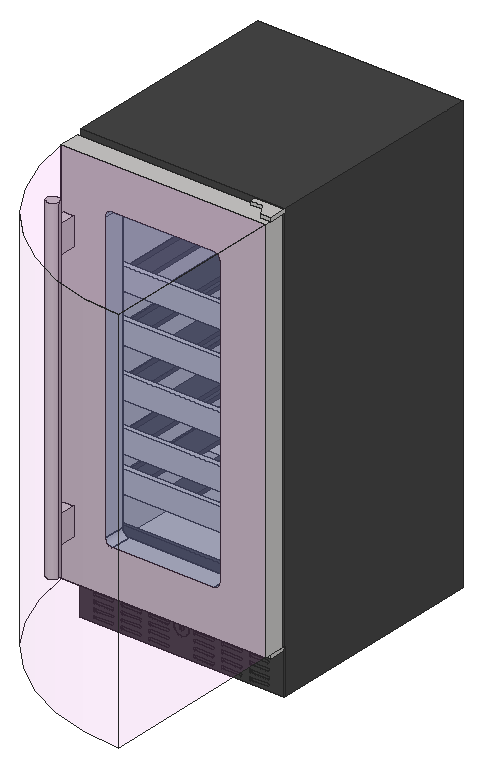
Revit family "QF_Summit_ASDW1522_ADA_Compliant_Wine_Cellar", category Specialty Equipment, Revit 2020
Family settings
  Round Connector Dimension = Use Diameter
  Part Type = Normal
  Work Plane-Based = No
  Always vertical = Yes
  Cut with Voids When Loaded = No
  Shared = No
  Room Calculation Point = No
Parameters
  Weight in Pounds = 68
  Watts = if(Phase = 3, Volts * FL Amps * 1.73, Volts * FL Amps)  # 115 W
  Volts = 115 V
  URL Cutsheet = ""
  Specification by User = ""
  Specification by Manufacturer = ""
  Show RHD [instance] = yes
  Show LHD [instance] = not(Show RHD)  # no
  Show Kickplate Extension [instance] = no
  Show Feet [instance] = not(Show Kickplate Extension)  # yes
  Show Clearance [instance] = yes
  Serial Number = ""
  Seismic Rating = ""
  SMACNA No = ""
  Revision Code = ""
  Phase = 1
  Number of Poles = 1
  NAFEM Spec ID Number = ""
  Model = "ASDW1522"
  Min Ckt Ampacity = 0 A
  Max Overcurrent Protection = 0 A
  Masterspec = ""
  Manufacturer = "Summit"
  Length = 14 3/4"
  Item Number = ""
  Installed By = ""
  Identify Quantity as Lot = yes
  Height = 32"
  HP = ""
  Furnished By = ""
  Foodservice Equipment Identifier = yes
  FL Amps = 1 A
  Electrical Remarks = ""
  Electric Connection Type = ""
  Elec Conn RI Height = 0"
  Elec Conn Connection Height = 0"
  Description = "ADA Compliant Wine Cellar"
  Depth = 17 3/4"
  Default Elevation = 0"
  Cycle = 60 Hz
  Conn Plug = ""
  Conn Conduit = yes
  CSI MasterFormat = ""
  Base Height [instance] = if(Show Feet, 1/2", if(Show Kickplate Extension, 2", 1/2"))  # 1/2"
  Apparent Power = if(Phase = 3, Volts * FL Amps * 1.73, Volts * FL Amps)  # 115 VA
Reference planes (in)
  plane 1 "BACK": y = 0
  plane 2: z = 0
  plane 3 "LEFT": x = 0
  plane 4 "RIGHT": x = 14.75
  plane 5 "FRONT": y = -17.75
  plane 6 "TOP": z = 32
  plane 7 "Center Y": x = 7.375
  plane 8 "Center X": y = -8.875
  plane 9 "Base Height": z = 0.5
  plane 10: y = -31
  plane 11: y = -16
  plane 12: y = -19.625
  plane 13: z = 3.75
Forms (in)
  Extrusion 1, solid, material "QF_Metal_Black"
    sketch origin (0, 0, 0.5) x (-1, 0, 0) y (0, -1, 0)
      loop
        line (0, 0) -> (0, 16) -> (-14.75, 16) -> (-14.75, 0) -> (0, 0)
    from 0 to 31.5
  Extrusion 2, solid, material "QF_Metal_Stainless_Polished"
    sketch origin (14.75, -16, 0.5) x (-1, 0, 0) y (0, 0, -1)
      loop
        line (14.75, -31.25) -> (14.75, -3.25) -> (0, -3.25) -> (0, -31.25) -> (14.75, -31.25)
      loop
        arc (3.25, -27.75) -> (3.39767, -28.10233) -> (3.75, -28.25) r 0.49827
        line (3.75, -28.25) -> (11, -28.24827)
        arc (11, -28.24827) -> (11.35233, -28.10233) -> (11.5, -27.75) r 0.49827
        line (11.5, -27.75) -> (11.5, -7)
        arc (11.5, -7) -> (11.35355, -6.64645) -> (11, -6.5) r 0.5
        line (11, -6.5) -> (3.75, -6.5)
        arc (3.75, -6.5) -> (3.39645, -6.64645) -> (3.25, -7) r 0.5
        line (3.25, -7) -> (3.25, -27.75)
    from 0.25 to 1.75
  Extrusion 3, void
    sketch origin (0, -0.11403, 0) x (0, 1, 0) y (0, 0, 1)
      loop
        line (-21.38597, 30) -> (-21.38597, 5.75) -> (-9.01097, 5.75) -> (-9.01097, 9.5) -> (-3.51097, 9.5) -> (-3.51097, 30) -> (-21.38597, 30)
    from 2 to 12.75
  Extrusion 4, solid, material "Glass"
    sketch origin (14.75, -17.75, 0.5) x (-1, 0, 0) y (0, 0, -1)
      loop
        arc (11.49927, -6.99995) -> (11.3529, -6.64659) -> (10.99954, -6.50023) r 0.49973
        line (10.99954, -6.50023) -> (3.75, -6.50023)
        arc (3.75, -6.50023) -> (3.39661, -6.64661) -> (3.25023, -7) r 0.49977
        line (3.25023, -7) -> (3.25023, -27.74984)
        arc (3.25023, -27.74984) -> (3.3965, -28.10299) -> (3.74965, -28.24927) r 0.49942
        line (3.74965, -28.24927) -> (11, -28.24927)
        arc (11, -28.24927) -> (11.35303, -28.10303) -> (11.49927, -27.75) r 0.49927
        line (11.49927, -27.75) -> (11.49927, -6.99995)
    from 0 to -1.5
  Extrusion 5, solid, material "QF_Metal_Black"
    sketch origin (14.75, -16, 0.5) x (-1, 0, 0) y (0, 0, -1)
      loop
        line (14.75, -3.25) -> (14.75, 0) -> (0, 0) -> (0, -3.25) -> (14.75, -3.25)
      loop
        arc (12.375, -2.768) -> (12.25, -2.893) -> (12.375, -3.018) r 0.125
        line (12.375, -3.018) -> (13.625, -3.018)
        arc (13.625, -3.018) -> (13.75, -2.893) -> (13.625, -2.768) r 0.125
        line (13.625, -2.768) -> (12.375, -2.768)
      loop
        arc (12.375, -2.264) -> (12.25, -2.389) -> (12.375, -2.514) r 0.125
        line (12.375, -2.514) -> (13.625, -2.514)
        arc (13.625, -2.514) -> (13.75, -2.389) -> (13.625, -2.264) r 0.125
        line (13.625, -2.264) -> (12.375, -2.264)
      loop
        arc (12.375, -1.76) -> (12.25, -1.885) -> (12.375, -2.01) r 0.125
        line (12.375, -2.01) -> (13.625, -2.01)
        arc (13.625, -2.01) -> (13.75, -1.885) -> (13.625, -1.76) r 0.125
        line (13.625, -1.76) -> (12.375, -1.76)
      loop
        arc (12.375, -1.258) -> (12.25, -1.383) -> (12.375, -1.508) r 0.125
        line (12.375, -1.508) -> (13.625, -1.508)
        arc (13.625, -1.508) -> (13.75, -1.383) -> (13.625, -1.258) r 0.125
        line (13.625, -1.258) -> (12.375, -1.258)
      loop
        arc (12.375, -0.754) -> (12.25, -0.879) -> (12.375, -1.004) r 0.125
        line (12.375, -1.004) -> (13.625, -1.004)
        arc (13.625, -1.004) -> (13.75, -0.879) -> (13.625, -0.754) r 0.125
        line (13.625, -0.754) -> (12.375, -0.754)
      loop
        arc (12.375, -0.25) -> (12.25, -0.375) -> (12.375, -0.5) r 0.125
        line (12.375, -0.5) -> (13.625, -0.5)
        arc (13.625, -0.5) -> (13.75, -0.375) -> (13.625, -0.25) r 0.125
        line (13.625, -0.25) -> (12.375, -0.25)
      loop
        arc (10.375, -2.768) -> (10.25, -2.893) -> (10.375, -3.018) r 0.125
        line (10.375, -3.018) -> (11.625, -3.018)
        arc (11.625, -3.018) -> (11.75, -2.893) -> (11.625, -2.768) r 0.125
        line (11.625, -2.768) -> (10.375, -2.768)
      loop
        arc (10.375, -2.264) -> (10.25, -2.389) -> (10.375, -2.514) r 0.125
        line (10.375, -2.514) -> (11.625, -2.514)
        arc (11.625, -2.514) -> (11.75, -2.389) -> (11.625, -2.264) r 0.125
        line (11.625, -2.264) -> (10.375, -2.264)
      loop
        arc (10.375, -1.76) -> (10.25, -1.885) -> (10.375, -2.01) r 0.125
        line (10.375, -2.01) -> (11.625, -2.01)
        arc (11.625, -2.01) -> (11.75, -1.885) -> (11.625, -1.76) r 0.125
        line (11.625, -1.76) -> (10.375, -1.76)
      loop
        arc (10.375, -1.258) -> (10.25, -1.383) -> (10.375, -1.508) r 0.125
        line (10.375, -1.508) -> (11.625, -1.508)
        arc (11.625, -1.508) -> (11.75, -1.383) -> (11.625, -1.258) r 0.125
        line (11.625, -1.258) -> (10.375, -1.258)
      loop
        arc (10.375, -0.754) -> (10.25, -0.879) -> (10.375, -1.004) r 0.125
        line (10.375, -1.004) -> (11.625, -1.004)
        arc (11.625, -1.004) -> (11.75, -0.879) -> (11.625, -0.754) r 0.125
        line (11.625, -0.754) -> (10.375, -0.754)
      loop
        arc (10.375, -0.25) -> (10.25, -0.375) -> (10.375, -0.5) r 0.125
        line (10.375, -0.5) -> (11.625, -0.5)
        arc (11.625, -0.5) -> (11.75, -0.375) -> (11.625, -0.25) r 0.125
        line (11.625, -0.25) -> (10.375, -0.25)
      loop
        arc (8.375, -2.768) -> (8.25, -2.893) -> (8.375, -3.018) r 0.125
        line (8.375, -3.018) -> (9.625, -3.018)
        arc (9.625, -3.018) -> (9.75, -2.893) -> (9.625, -2.768) r 0.125
        line (9.625, -2.768) -> (8.375, -2.768)
      loop
        arc (8.375, -2.264) -> (8.25, -2.389) -> (8.375, -2.514) r 0.125
        line (8.375, -2.514) -> (9.625, -2.514)
        arc (9.625, -2.514) -> (9.75, -2.389) -> (9.625, -2.264) r 0.125
        line (9.625, -2.264) -> (8.375, -2.264)
      loop
        arc (8.375, -1.76) -> (8.25, -1.885) -> (8.375, -2.01) r 0.125
        line (8.375, -2.01) -> (9.625, -2.01)
        arc (9.625, -2.01) -> (9.75, -1.885) -> (9.625, -1.76) r 0.125
        line (9.625, -1.76) -> (8.375, -1.76)
      loop
        arc (8.375, -1.258) -> (8.25, -1.383) -> (8.375, -1.508) r 0.125
        line (8.375, -1.508) -> (9.625, -1.508)
        arc (9.625, -1.508) -> (9.75, -1.383) -> (9.625, -1.258) r 0.125
        line (9.625, -1.258) -> (8.375, -1.258)
      loop
        arc (8.375, -0.754) -> (8.25, -0.879) -> (8.375, -1.004) r 0.125
        line (8.375, -1.004) -> (9.625, -1.004)
        arc (9.625, -1.004) -> (9.75, -0.879) -> (9.625, -0.754) r 0.125
        line (9.625, -0.754) -> (8.375, -0.754)
      loop
        arc (8.375, -0.25) -> (8.25, -0.375) -> (8.375, -0.5) r 0.125
        line (8.375, -0.5) -> (9.625, -0.5)
        arc (9.625, -0.5) -> (9.75, -0.375) -> (9.625, -0.25) r 0.125
        line (9.625, -0.25) -> (8.375, -0.25)
      loop
        arc (5.125, -2.768) -> (5, -2.893) -> (5.125, -3.018) r 0.125
        line (5.125, -3.018) -> (6.375, -3.018)
        arc (6.375, -3.018) -> (6.5, -2.893) -> (6.375, -2.768) r 0.125
        line (6.375, -2.768) -> (5.125, -2.768)
      loop
        arc (5.125, -2.264) -> (5, -2.389) -> (5.125, -2.514) r 0.125
        line (5.125, -2.514) -> (6.375, -2.514)
        arc (6.375, -2.514) -> (6.5, -2.389) -> (6.375, -2.264) r 0.125
        line (6.375, -2.264) -> (5.125, -2.264)
      loop
        arc (5.125, -1.76) -> (5, -1.885) -> (5.125, -2.01) r 0.125
        line (5.125, -2.01) -> (6.375, -2.01)
        arc (6.375, -2.01) -> (6.5, -1.885) -> (6.375, -1.76) r 0.125
        line (6.375, -1.76) -> (5.125, -1.76)
      loop
        arc (5.125, -1.258) -> (5, -1.383) -> (5.125, -1.508) r 0.125
        line (5.125, -1.508) -> (6.375, -1.508)
        arc (6.375, -1.508) -> (6.5, -1.383) -> (6.375, -1.258) r 0.125
        line (6.375, -1.258) -> (5.125, -1.258)
      loop
        arc (5.125, -0.754) -> (5, -0.879) -> (5.125, -1.004) r 0.125
        line (5.125, -1.004) -> (6.375, -1.004)
        arc (6.375, -1.004) -> (6.5, -0.879) -> (6.375, -0.754) r 0.125
        line (6.375, -0.754) -> (5.125, -0.754)
      loop
        arc (5.125, -0.25) -> (5, -0.375) -> (5.125, -0.5) r 0.125
        line (5.125, -0.5) -> (6.375, -0.5)
        arc (6.375, -0.5) -> (6.5, -0.375) -> (6.375, -0.25) r 0.125
        line (6.375, -0.25) -> (5.125, -0.25)
      loop
        arc (3.125, -2.768) -> (3, -2.893) -> (3.125, -3.018) r 0.125
        line (3.125, -3.018) -> (4.375, -3.018)
        arc (4.375, -3.018) -> (4.5, -2.893) -> (4.375, -2.768) r 0.125
        line (4.375, -2.768) -> (3.125, -2.768)
      loop
        arc (3.125, -2.264) -> (3, -2.389) -> (3.125, -2.514) r 0.125
        line (3.125, -2.514) -> (4.375, -2.514)
        arc (4.375, -2.514) -> (4.5, -2.389) -> (4.375, -2.264) r 0.125
        line (4.375, -2.264) -> (3.125, -2.264)
      loop
        arc (3.125, -1.76) -> (3, -1.885) -> (3.125, -2.01) r 0.125
        line (3.125, -2.01) -> (4.375, -2.01)
        arc (4.375, -2.01) -> (4.5, -1.885) -> (4.375, -1.76) r 0.125
        line (4.375, -1.76) -> (3.125, -1.76)
      loop
        arc (3.125, -1.258) -> (3, -1.383) -> (3.125, -1.508) r 0.125
        line (3.125, -1.508) -> (4.375, -1.508)
        arc (4.375, -1.508) -> (4.5, -1.383) -> (4.375, -1.258) r 0.125
        line (4.375, -1.258) -> (3.125, -1.258)
      loop
        arc (3.125, -0.754) -> (3, -0.879) -> (3.125, -1.004) r 0.125
        line (3.125, -1.004) -> (4.375, -1.004)
        arc (4.375, -1.004) -> (4.5, -0.879) -> (4.375, -0.754) r 0.125
        line (4.375, -0.754) -> (3.125, -0.754)
      loop
        arc (3.125, -0.25) -> (3, -0.375) -> (3.125, -0.5) r 0.125
        line (3.125, -0.5) -> (4.375, -0.5)
        arc (4.375, -0.5) -> (4.5, -0.375) -> (4.375, -0.25) r 0.125
        line (4.375, -0.25) -> (3.125, -0.25)
      loop
        arc (1.125, -2.768) -> (1, -2.893) -> (1.125, -3.018) r 0.125
        line (1.125, -3.018) -> (2.375, -3.018)
        arc (2.375, -3.018) -> (2.5, -2.893) -> (2.375, -2.768) r 0.125
        line (2.375, -2.768) -> (1.125, -2.768)
      loop
        arc (1.125, -2.264) -> (1, -2.389) -> (1.125, -2.514) r 0.125
        line (1.125, -2.514) -> (2.375, -2.514)
        arc (2.375, -2.514) -> (2.5, -2.389) -> (2.375, -2.264) r 0.125
        line (2.375, -2.264) -> (1.125, -2.264)
      loop
        arc (1.125, -1.76) -> (1, -1.885) -> (1.125, -2.01) r 0.125
        line (1.125, -2.01) -> (2.375, -2.01)
        arc (2.375, -2.01) -> (2.5, -1.885) -> (2.375, -1.76) r 0.125
        line (2.375, -1.76) -> (1.125, -1.76)
      loop
        arc (1.125, -1.258) -> (1, -1.383) -> (1.125, -1.508) r 0.125
        line (1.125, -1.508) -> (2.375, -1.508)
        arc (2.375, -1.508) -> (2.5, -1.383) -> (2.375, -1.258) r 0.125
        line (2.375, -1.258) -> (1.125, -1.258)
      loop
        arc (1.125, -0.754) -> (1, -0.879) -> (1.125, -1.004) r 0.125
        line (1.125, -1.004) -> (2.375, -1.004)
        arc (2.375, -1.004) -> (2.5, -0.879) -> (2.375, -0.754) r 0.125
        line (2.375, -0.754) -> (1.125, -0.754)
      loop
        arc (1.125, -0.25) -> (1, -0.375) -> (1.125, -0.5) r 0.125
        line (1.125, -0.5) -> (2.375, -0.5)
        arc (2.375, -0.5) -> (2.5, -0.375) -> (2.375, -0.25) r 0.125
        line (2.375, -0.25) -> (1.125, -0.25)
      loop
        circle (7.375, -1.885) r 0.5625
    from 0 to 0.0625
  Extrusion 6, solid, material "QF_Rubber - Black - Smooth"
    sketch origin (14.75, -16, 0.5) x (-1, 0, 0) y (0, 0, -1)
      loop
        line (14.5625, -3.4375) -> (0.1875, -3.4375) -> (0.1875, -31.0625) -> (14.5625, -31.0625) -> (14.5625, -3.4375)
      loop
        line (13.5625, -4.4375) -> (1.1875, -4.4375) -> (1.1875, -30.0625) -> (13.5625, -30.0625) -> (13.5625, -4.4375)
    from 0 to 0.25
  Extrusion 7, solid, material "QF_Metal - Stainless - Polished", visible <- "Show RHD"
    sketch origin (0, 0, 32) x (-1, 0, 0) y (0, -1, 0)
      loop
        line (-14.75, 16) -> (-12.625, 16) -> (-12.625, 16.4375) -> (-13.5, 16.4375) -> (-14, 17.25) -> (-14.75, 17.25) -> (-14.75, 16)
    from 0 to -0.25
  Extrusion 8, solid, material "QF_Metal - Stainless - Polished", visible <- "Show RHD"
    sketch origin (-5.70957, -180, 3.75) x (-1, 0, 0) y (0, -1, 0)
      loop
        line (-20.45957, -164) -> (-18.33457, -164) -> (-18.33457, -163.5625) -> (-19.20957, -163.5625) -> (-19.70957, -162.75) -> (-20.45957, -162.75) -> (-20.45957, -164)
    from 0 to -0.25
  Extrusion 9, solid, material "QF_Metal_Black"
    sketch origin (14.75, -16.0625, 0.5) x (-1, 0, 0) y (0, 0, -1)
      loop
        circle (7.375, -1.885) r 0.5
      loop
        arc (7.39929, -2.07097) -> (7.56261, -1.88507) -> (7.39929, -1.69917) r 0.18746
        line (7.39929, -1.69917) -> (7.39929, -2.07097)
      loop
        line (7.34982, -2.07069) -> (7.34982, -1.69923)
        arc (7.34982, -1.69923) -> (7.1877, -1.88496) -> (7.34982, -2.07069) r 0.18745
    from -0.0625 to 0
  Extrusion 10, solid, material "QF_Rubber - Black - Smooth"
    sketch origin (0, 0, 0.5) x (1, 0, 0) y (0, 0, -1)
      loop
        circle (14.00256, -1) r 0.25
    from 0 to 0.0625
  Extrusion 11, solid, material "QF_Metal - Stainless - Polished", visible <- "Show RHD"
    sketch origin (0, 0, 0.5) x (-1, 0, 0) y (0, -1, 0)
      loop
        circle (-0.56375, 19.18625) r 0.43625
    from 4.25 to 28.5
  Extrusion 12, solid, material "QF_Metal - Stainless - Polished", visible <- "Show RHD"
    sketch origin (14.37375, -17.75, 0.5) x (-1, 0, 0) y (0, 0, -1)
      loop
        line (13.44, -25) -> (13.44, -27) -> (14.19, -27) -> (14.19, -25) -> (13.44, -25)
      loop
        line (13.43875, -8.25) -> (14.18875, -8.25) -> (14.18563, -6.25) -> (13.43813, -6.25) -> (13.43875, -8.25)
    from 0 to 1.43625
  Extrusion 13, solid, material "QF_Metal_Black"
    sketch origin (14.75, -16, 0.5) x (-1, 0, 0) y (0, 0, -1)
      loop
        line (12.75, -7) -> (12.75, -5.25) -> (2, -5.25) -> (2, -7) -> (12.75, -7)
    from 0 to -0.25
  Revolve 14, solid, material "QF_Metal - Stainless - Polished", visible <- "Show Feet"
    sketch origin (0, -1.6875, 0) x (1, 0, 0) y (0, 0, 1)
      loop
        line (13.04811, 0.5) -> (12.86061, 0.5) -> (12.86061, 0.375) -> (12.48213, 0.375)
        arc (12.48213, 0.375) -> (12.44398, 0.35732) -> (12.43281, 0.31678) r 0.05
        line (12.43281, 0.31678) -> (12.47865, 0.04178)
        arc (12.47865, 0.04178) -> (12.49565, 0.01185) -> (12.52797, 0) r 0.05
        line (12.52797, 0) -> (13.04811, 0) -> (13.04811, 0.5)
      axis (13.04811, 0) -> (13.04811, 0.5)
    angle from 0 to 360
  Revolve 15, solid, material "QF_Metal - Stainless - Polished", visible <- "Show Feet"
    sketch origin (0, -14.3125, 0) x (1, 0, 0) y (0, 0, 1)
      loop
        line (13.04811, 0.5) -> (12.86061, 0.5) -> (12.86061, 0.375) -> (12.48213, 0.375)
        arc (12.48213, 0.375) -> (12.44398, 0.35732) -> (12.43281, 0.31678) r 0.05
        line (12.43281, 0.31678) -> (12.47865, 0.04178)
        arc (12.47865, 0.04178) -> (12.49565, 0.01185) -> (12.52797, 0) r 0.05
        line (12.52797, 0) -> (13.04811, 0) -> (13.04811, 0.5)
      axis (13.04811, 0) -> (13.04811, 0.5)
    angle from 0 to 360
  Revolve 16, solid, material "QF_Metal - Stainless - Polished", visible <- "Show Feet"
    sketch origin (-11.29811, -1.6875, 0) x (1, 0, 0) y (0, 0, 1)
      loop
        line (13.04811, 0.5) -> (12.86061, 0.5) -> (12.86061, 0.375) -> (12.48213, 0.375)
        arc (12.48213, 0.375) -> (12.44398, 0.35732) -> (12.43281, 0.31678) r 0.05
        line (12.43281, 0.31678) -> (12.47865, 0.04178)
        arc (12.47865, 0.04178) -> (12.49565, 0.01185) -> (12.52797, 0) r 0.05
        line (12.52797, 0) -> (13.04811, 0) -> (13.04811, 0.5)
      axis (13.04811, 0) -> (13.04811, 0.5)
    angle from 0 to 360
  Revolve 17, solid, material "QF_Metal - Stainless - Polished", visible <- "Show Feet"
    sketch origin (-11.29811, -14.3125, 0) x (1, 0, 0) y (0, 0, 1)
      loop
        line (13.04811, 0.5) -> (12.86061, 0.5) -> (12.86061, 0.375) -> (12.48213, 0.375)
        arc (12.48213, 0.375) -> (12.44398, 0.35732) -> (12.43281, 0.31678) r 0.05
        line (12.43281, 0.31678) -> (12.47865, 0.04178)
        arc (12.47865, 0.04178) -> (12.49565, 0.01185) -> (12.52797, 0) r 0.05
        line (12.52797, 0) -> (13.04811, 0) -> (13.04811, 0.5)
      axis (13.04811, 0) -> (13.04811, 0.5)
    angle from 0 to 360
  Extrusion 18, solid, material "QF_Clearances_Door_Drawer", visible <- "Show RHD"
    sketch origin (0, 0, 0.5) x (-1, 0, 0) y (0, -1, 0)
      loop
        arc (-0.07647, 17.75) -> (-4.86472, 27.19732) -> (-14.75, 31) r 14.75
        line (-14.75, 31) -> (-14.75, 17.75) -> (-0.07647, 17.75)
    from 3.25 to 31.25
  Extrusion 19, solid, material "QF_Metal - Stainless - Polished"
    sketch origin (0, -3.625, 30) x (0, 0, -1) y (1, 0, 0)
      loop
        line (7.375, 2) -> (8.49343, 2) -> (7.6049, 2.75) -> (7.375, 2.75) -> (7.375, 2)
      loop
        line (14.375, 2) -> (15.49343, 2) -> (14.6049, 2.75) -> (14.375, 2.75) -> (14.375, 2)
      loop
        line (20.5, 2) -> (21.61843, 2) -> (20.7299, 2.75) -> (20.5, 2.75) -> (20.5, 2)
      loop
        line (7.375, 12.75) -> (7.375, 12) -> (7.6049, 12) -> (8.49343, 12.75) -> (7.375, 12.75)
      loop
        line (14.375, 12.75) -> (14.375, 12) -> (14.6049, 12) -> (15.49343, 12.75) -> (14.375, 12.75)
      loop
        line (20.5, 12.75) -> (20.5, 12) -> (20.7299, 12) -> (21.61843, 12.75) -> (20.5, 12.75)
      loop
        line (10.875, 2) -> (11.99343, 2) -> (11.1049, 2.75) -> (10.875, 2.75) -> (10.875, 2)
      loop
        line (10.875, 12.75) -> (10.875, 12) -> (11.1049, 12) -> (11.99343, 12.75) -> (10.875, 12.75)
      loop
        line (17.875, 2) -> (18.99343, 2) -> (18.1049, 2.75) -> (17.875, 2.75) -> (17.875, 2)
      loop
        line (17.875, 12.75) -> (17.875, 12) -> (18.1049, 12) -> (18.99343, 12.75) -> (17.875, 12.75)
    from 0 to 12
  Extrusion 20, solid, material "QF_Metal_Black"
    sketch origin (0, -3.625, 30) x (0, 0, -1) y (1, 0, 0)
      loop
        circle (3.99969, 7.375) r 1.96477
      loop
        circle (3.99969, 7.375) r 1.90227
      loop
        circle (3.99969, 7.41023) r 1.625
      loop
        circle (3.99969, 7.41023) r 1.25
      loop
        circle (3.99969, 7.41023) r 0.875
      loop
        circle (3.99969, 7.41023) r 0.5
      loop
        circle (3.99969, 7.41023) r 1.5625
      loop
        circle (3.99969, 7.41023) r 1.1875
      loop
        circle (3.99969, 7.41023) r 0.8125
    from 0.125 to 0.25
  Extrusion 21, solid, material "QF_Metal_Black"
    sketch origin (0, -3.625, 30) x (0, 0, -1) y (1, 0, 0)
      loop
        arc (3.50791, 7.31995) -> (3.05061, 6.88738) -> (2.99599, 6.26028) r 0.88604
        arc (2.99599, 6.26028) -> (3.28366, 5.90563) -> (3.73889, 5.86965) r 0.57918
        arc (3.73889, 5.86965) -> (3.92804, 6.09061) -> (3.82424, 6.36231) r 0.28455
        arc (3.82424, 6.36231) -> (3.67217, 6.57301) -> (3.65323, 6.83216) r 0.47652
        arc (3.65323, 6.83216) -> (3.68313, 6.91495) -> (3.73523, 6.9859) r 0.30803
        arc (3.73523, 6.9859) -> (3.97538, 6.91083) -> (4.22168, 6.96222) r 0.5
        arc (4.22168, 6.96222) -> (4.80298, 6.68934) -> (5.41594, 6.88079) r 0.88604
        arc (5.41594, 6.88079) -> (5.63166, 7.28327) -> (5.4887, 7.71697) r 0.57918
        arc (5.4887, 7.71697) -> (5.21177, 7.80589) -> (5.00138, 7.60505) r 0.28455
        arc (5.00138, 7.60505) -> (4.86594, 7.3833) -> (4.6343, 7.26557) r 0.47652
        arc (4.6343, 7.26557) -> (4.55704, 7.2603) -> (4.48091, 7.27447) r 0.30803
        arc (4.48091, 7.27447) -> (4.49497, 7.34171) -> (4.49969, 7.41023) r 0.5
        arc (4.49969, 7.41023) -> (4.44074, 7.64576) -> (4.27781, 7.82575) r 0.5
        arc (4.27781, 7.82575) -> (4.21448, 8.43492) -> (3.77116, 8.85749) r 0.88604
        arc (3.77116, 8.85749) -> (3.31451, 8.85901) -> (2.9987, 8.52917) r 0.57918
        arc (2.9987, 8.52917) -> (3.0502, 8.24291) -> (3.3263, 8.15144) r 0.28455
        arc (3.3263, 8.15144) -> (3.58568, 8.13596) -> (3.79838, 7.9867) r 0.47652
        arc (3.79838, 7.9867) -> (3.82984, 7.93982) -> (3.85221, 7.88799) r 0.30803
        arc (3.85221, 7.88799) -> (3.5721, 7.66941) -> (3.50791, 7.31995) r 0.5
    from 0 to 0.0625
  Extrusion 22, solid, material "QF_Metal - Stainless - Polished", visible <- "Show LHD"
    sketch origin (14.75, 0, 32) x (1, 0, 0) y (0, 1, 0)
      loop
        line (-14.75, -16) -> (-14.75, -17.25) -> (-14, -17.25) -> (-13.5, -16.4375) -> (-12.625, -16.4375) -> (-12.625, -16) -> (-14.75, -16)
    from 0 to -0.25
  Extrusion 23, solid, material "QF_Metal - Stainless - Polished", visible <- "Show LHD"
    sketch origin (20.45957, -180, 3.75) x (1, 0, 0) y (0, 1, 0)
      loop
        line (-20.45957, 164) -> (-20.45957, 162.75) -> (-19.70957, 162.75) -> (-19.20957, 163.5625) -> (-18.33457, 163.5625) -> (-18.33457, 164) -> (-20.45957, 164)
    from 0 to -0.25
  Extrusion 24, solid, material "QF_Metal - Stainless - Polished", visible <- "Show LHD"
    sketch origin (14.75, 0, 0.5) x (1, 0, 0) y (0, 1, 0)
      loop
        circle (-0.56375, -19.18625) r 0.43625
    from 4.25 to 28.5
  Extrusion 25, solid, material "QF_Metal - Stainless - Polished", visible <- "Show LHD"
    sketch origin (0.37625, -17.75, 0.5) x (1, 0, 0) y (0, 0, 1)
      loop
        line (13.44, 25) -> (14.19, 25) -> (14.19, 27) -> (13.44, 27) -> (13.44, 25)
      loop
        line (13.43875, 8.25) -> (13.43813, 6.25) -> (14.18563, 6.25) -> (14.18875, 8.25) -> (13.43875, 8.25)
    from 0 to 1.43625
  Extrusion 26, solid, material "QF_Clearances_Door_Drawer", visible <- "Show LHD"
    sketch origin (14.75, 0, 0.5) x (1, 0, 0) y (0, 1, 0)
      loop
        line (-0.07647, -17.75) -> (-14.75, -17.75) -> (-14.75, -31)
        arc (-14.75, -31) -> (-4.86472, -27.19732) -> (-0.07647, -17.75) r 14.75
    from 3.25 to 31.25
Cuts and joins
  Extrusion 3 cuts Extrusion 1
  joined: Extrusion 11, Extrusion 12
Lines and regions (in)
  symbolic lines
    curve 1: line (0, 0, 0.5) -> (14.75, 0, 0.5)
    curve 2: line (0, -16, 0.5) -> (0, 0, 0.5)
    curve 3: line (14.75, -16, 0.5) -> (0, -16, 0.5)
    curve 4: line (14.75, 0, 0.5) -> (14.75, -16, 0.5)
  symbolic lines, visible <- "Show RHD"
    curve 5: line (0, -16.25, 0.5) -> (12.625, -16.25, 0.5)
    curve 6: line (0, -17.75, 0.5) -> (0, -16.25, 0.5)
    curve 7: line (14.75, -17.75, 0.5) -> (0, -17.75, 0.5)
    curve 8: line (12.625, -16, 0.5) -> (12.625, -16.4375, 0.5)
    curve 9: line (12.625, -16.4375, 0.5) -> (13.5, -16.4375, 0.5)
    curve 10: line (13.5, -16.4375, 0.5) -> (14, -17.25, 0.5)
    curve 11: line (14, -17.25, 0.5) -> (14.75, -17.25, 0.5)
    curve 12: line (0.1875, -16, 0.5) -> (0.1875, -16.25, 0.5)
    curve 13: line (0.18375, -17.75, 0.5) -> (0.18375, -18.97197, 0.5)
    curve 14: line (0.93375, -17.75, 0.5) -> (0.93375, -18.95514, 0.5)
    curve 15: arc (1, -19.18625, 0.5) -> (0.56375, -18.75, 0.5) -> (0.1275, -19.18625, 0.5) r 0.43625
    curve 16: arc (0.1275, -19.18625, 0.5) -> (0.56375, -19.6225, 0.5) -> (1, -19.18625, 0.5) r 0.43625
    curve 19: line (14.75, -16, 0.5) -> (14.75, -17.75, 0.5)
  symbolic lines, style "QF_Clearances_Door_Drawer", visible <- "Show RHD"
    curve 17: arc (0.07647, -17.75, 0.5) -> (0.92911, -21.40222, 0.5) -> (2.67528, -24.72134, 0.5) r 14.75
    curve 18: line (14.75, -17.75, 0.5) -> (2.67528, -24.72134, 0.5)
  symbolic lines, visible <- "Show LHD"
    curve 20: line (14.75, -16.25, 0.5) -> (2.125, -16.25, 0.5)
    curve 21: line (14.75, -17.75, 0.5) -> (14.75, -16.25, 0.5)
    curve 22: line (0, -17.75, 0.5) -> (14.75, -17.75, 0.5)
    curve 23: line (2.125, -16, 0.5) -> (2.125, -16.4375, 0.5)
    curve 24: line (2.125, -16.4375, 0.5) -> (1.25, -16.4375, 0.5)
    curve 25: line (1.25, -16.4375, 0.5) -> (0.75, -17.25, 0.5)
    curve 26: line (0.75, -17.25, 0.5) -> (0, -17.25, 0.5)
    curve 27: line (14.5625, -16, 0.5) -> (14.5625, -16.25, 0.5)
    curve 28: line (14.56625, -17.75, 0.5) -> (14.56625, -18.97197, 0.5)
    curve 29: line (13.81625, -17.75, 0.5) -> (13.81625, -18.95514, 0.5)
    curve 30: arc (13.75, -19.18625, 0.5) -> (14.18625, -18.75, 0.5) -> (14.6225, -19.18625, 0.5) r 0.43625
    curve 31: arc (14.6225, -19.18625, 0.5) -> (14.18625, -19.6225, 0.5) -> (13.75, -19.18625, 0.5) r 0.43625
    curve 34: line (0, -16, 0.5) -> (0, -17.75, 0.5)
  symbolic lines, style "QF_Clearances_Door_Drawer", visible <- "Show LHD"
    curve 32: arc (14.67353, -17.75, 0.5) -> (13.82089, -21.40222, 0.5) -> (12.07472, -24.72134, 0.5) r 14.75
    curve 33: line (0, -17.75, 0.5) -> (12.07472, -24.72134, 0.5)
Dimensions and locks (in)
  equal spacing: plane 3 "LEFT", plane 7 "Center Y", plane 4 "RIGHT"
  "Length": plane 3 "LEFT" to plane 4 "RIGHT"
  equal spacing: plane 5 "FRONT", plane 8 "Center X", plane 1 "BACK"
  "Depth": plane 5 "FRONT" to plane 1 "BACK"
  plane 6 "TOP" to level = 32"
  "Base Height": plane 9 "Base Height" to level
  plane 10 to plane 1 "BACK" = 31"
  plane 11 to plane 1 "BACK" = 16"
  plane 12 to plane 5 "FRONT" = 1 7/8"
  plane 13 to plane 9 "Base Height" = 3 1/4"
  locked: plane 6 "TOP" to plane 9 "Base Height" at 31.5
  aligned and locked: level to plane 2
  aligned and locked: plane 7 "Center Y" to nested 1
  aligned and locked: nested 3 to cut or joined group of Extrusion 1, Extrusion 3
  aligned and locked: nested 2 to cut or joined group of Extrusion 1, Extrusion 3
  aligned and locked: nested 1 to cut or joined group of Extrusion 1, Extrusion 3
  aligned and locked: nested 4 to cut or joined group of Extrusion 1, Extrusion 3
Automatic sketch dimensions
  curve 7 to plane 4 "RIGHT" = 0"
  curve 17 to plane 4 "RIGHT" = 0"
  curve 8 to plane 11 = 0"
  plane 5 "FRONT" to curve 14 = 0"
  curve 3 to plane 3 "LEFT" = 0"
  plane 1 "BACK" to curve 1 = 0"
  curve 32 to curve 34 = 0"
  curve 26 to curve 26 = 3/4"
  curve 24 to plane 11 = 7/16"
  curve 24 to curve 25 = 1/2"
  curve 24 to curve 24 = 7/8"
  curve 33 to plane 12 = 5.09634"
  plane 12 to curve 30 = 0.43875"
  curve 30 to curve 33 = 2.11153"
  curve 21 to plane 11 = 1/4"
  curve 21 to curve 30 = 0.56375"
  plane 4 "RIGHT" to curve 11 = 3/4"
  curve 9 to plane 11 = 7/16"
  curve 10 to curve 9 = 1/2"
  curve 9 to curve 9 = 7/8"
  plane 3 "LEFT" to curve 18 = 2.67528"
  plane 3 "LEFT" to curve 16 = 0.56375"
  curve 6 to plane 11 = 1/4"
  curve 32 to plane 11 = 1/4"
  curve 17 to plane 11 = 1/4"
  curve 11 to plane 5 "FRONT" = 1/2"
  curve 25 to plane 5 "FRONT" = 1/2"
  plane 12 to curve 16 = 0.43875"
  curve 18 to plane 12 = 5.09634"
  curve 30 to curve 30 = 0.43625"
  curve 29 to curve 30 = 0.06625"
  curve 20 to curve 27 = 3/16"
  curve 32 to curve 28 = 0.10728"
  curve 15 to curve 15 = 0.43625"
  curve 14 to curve 17 = 0.85728"
  plane 3 "LEFT" to curve 12 = 3/16"
  plane 3 "LEFT" to curve 13 = 0.18375"
  plane 1 "BACK" to Extrusion 1 sketch curve = 0"
  Extrusion 1 sketch curve to plane 4 "RIGHT" = 0"
  Extrusion 1 sketch curve to plane 3 "LEFT" = 0"
  Extrusion 1 sketch curve to plane 11 = 0"
  Extrusion 2 sketch curve to Extrusion 1 = 0"  (x2)
  Extrusion 2 sketch curve to Extrusion 1 = 3 1/4"
  Extrusion 2 sketch curve to Extrusion 2 sketch curve = 1/2"  (x3)
  Extrusion 1 to Extrusion 2 sketch curve = 3 3/4"  (x4)
  Extrusion 1 to Extrusion 2 sketch curve = 1/4"
  Extrusion 1 to Extrusion 2 sketch curve = 7"
  Extrusion 1 to Extrusion 2 sketch curve = 3 1/4"
  Extrusion 2 sketch curve to Extrusion 2 sketch curve = 0.00173"  (x3)
  Extrusion 2 sketch curve to Extrusion 2 sketch curve = 0"  (x4)
  Extrusion 3 sketch curve to plane 12 = 1 7/8"
  Extrusion 3 sketch curve to plane 8 "Center X" = 1/4"
  plane 1 "BACK" to Extrusion 3 sketch curve = 3 5/8"
  plane 13 to Extrusion 3 sketch curve = 2"
  Extrusion 3 sketch curve to Extrusion 3 sketch curve = 3 3/4"
  Extrusion 3 sketch curve to plane 6 "TOP" = 2"
  Extrusion 4 sketch curve to Extrusion 4 sketch curve = 0.49942"
  Extrusion 2 to Extrusion 4 sketch curve = 0.50046"
  Extrusion 5 sketch curve to Extrusion 5 sketch curve = 0"  (x56)
  Extrusion 5 sketch curve to Extrusion 1 = 0"  (x3)
  Extrusion 5 sketch curve to Extrusion 1 = 1 1/8"  (x2)
  Extrusion 1 to Extrusion 5 sketch curve = 1/4"  (x6)
  Extrusion 5 sketch curve to Extrusion 5 sketch curve = 1 1/4"  (x5)
  Extrusion 5 sketch curve to Extrusion 5 sketch curve = 3/4"  (x8)
  Extrusion 5 sketch curve to Extrusion 5 sketch curve = 1"  (x3)
  Extrusion 1 to Extrusion 5 sketch curve = 3/8"
  Extrusion 1 to Extrusion 5 sketch curve = 1 1/8"
  Extrusion 5 sketch curve to Extrusion 5 sketch curve = 1/4"  (x5)
  Extrusion 5 sketch curve to Extrusion 5 sketch curve = 0.254"  (x24)
  Extrusion 5 sketch curve to Extrusion 5 sketch curve = 1/8"  (x31)
  Extrusion 5 sketch curve to Extrusion 5 sketch curve = 0.252"  (x6)
  Extrusion 5 sketch curve to Extrusion 5 sketch curve = 0.232"
  Extrusion 5 sketch curve to Extrusion 5 sketch curve = 7/16"
  Extrusion 6 sketch curve to Extrusion 1 = 3/16"
  Extrusion 6 sketch curve to Extrusion 1 = 1 3/16"
  Extrusion 1 to Extrusion 6 sketch curve = 1 3/16"
  Extrusion 1 to Extrusion 6 sketch curve = 3/16"
  Extrusion 1 to Extrusion 6 sketch curve = 7/16"
  Extrusion 6 sketch curve to Extrusion 6 sketch curve = 1"  (x2)
  Extrusion 1 to Extrusion 6 sketch curve = 4 7/16"
  Extrusion 7 sketch curve to Extrusion 1 = 0"
  Extrusion 1 to Extrusion 7 sketch curve = 0"
  Extrusion 7 sketch curve to Extrusion 1 = 3/4"
  Extrusion 1 to Extrusion 7 sketch curve = 7/16"
  Extrusion 7 sketch curve to Extrusion 7 sketch curve = 1/2"
  Extrusion 7 sketch curve to Extrusion 7 sketch curve = 7/8"
  Extrusion 7 sketch curve to Extrusion 7 sketch curve = 1 1/4"
  Extrusion 8 sketch curve to plane 4 "RIGHT" = 0"
  Extrusion 8 sketch curve to plane 11 = 0"
  plane 4 "RIGHT" to Extrusion 8 sketch curve = 3/4"
  Extrusion 8 sketch curve to plane 11 = 7/16"
  Extrusion 8 sketch curve to Extrusion 8 sketch curve = 1/2"
  Extrusion 8 sketch curve to Extrusion 8 sketch curve = 7/8"
  Extrusion 8 sketch curve to plane 5 "FRONT" = 1/2"
  Extrusion 9 sketch curve to Extrusion 5 = 0.06069"
  Extrusion 9 sketch curve to Extrusion 9 sketch curve = 0.02518"
  Extrusion 9 sketch curve to Extrusion 9 sketch curve = 0.00015"
  Extrusion 9 sketch curve to Extrusion 9 sketch curve = 0"
  Extrusion 9 sketch curve to Extrusion 9 sketch curve = 0.04947"
  Extrusion 9 sketch curve to Extrusion 9 sketch curve = 0.00028"
  Extrusion 9 sketch curve to Extrusion 9 sketch curve = 0.00007"
  Extrusion 9 sketch curve to Extrusion 9 sketch curve = 0.00011"
  Extrusion 10 sketch curve to Extrusion 1 = 0.74744"
  Extrusion 1 to Extrusion 10 sketch curve = 1"
  Extrusion 12 sketch curve to Extrusion 2 = 1/4"
  Extrusion 12 sketch curve to Extrusion 2 = 0.93562"
  Extrusion 12 sketch curve to Extrusion 2 = 0.935"
  Extrusion 12 sketch curve to Extrusion 2 = 0.93375"
  Extrusion 12 sketch curve to Extrusion 2 = 0.18812"
  Extrusion 12 sketch curve to Extrusion 2 = 0.185"
  Extrusion 12 sketch curve to Extrusion 2 = 0.18375"
  Extrusion 2 to Extrusion 12 sketch curve = 1 3/4"
  Extrusion 2 to Extrusion 12 sketch curve = 3 1/4"
  Extrusion 2 to Extrusion 12 sketch curve = 1 1/4"
  Extrusion 13 sketch curve to Extrusion 1 = 2"
  Extrusion 1 to Extrusion 13 sketch curve = 2"
  Extrusion 1 to Extrusion 13 sketch curve = 7"
  Extrusion 13 sketch curve to Extrusion 13 sketch curve = 1 3/4"
  Revolve 14 sketch curve to level = 0"
  Revolve 14 sketch curve to plane 9 "Base Height" = 0"  (x2)
  Revolve 14 sketch curve to plane 9 "Base Height" = 0.18322"
  plane 4 "RIGHT" to Revolve 14 sketch curve = 2.31719"
  level to Revolve 14 sketch curve = 0.04178"
  Revolve 14 sketch curve to Revolve 14 sketch curve = 0.04583"
  Revolve 14 sketch curve to Revolve 14 sketch curve = 0.04932"  (x2)
  Revolve 14 sketch curve to Revolve 14 sketch curve = 0.37848"
  Revolve 14 sketch curve to Revolve 14 sketch curve = 3/16"
  Revolve 14 sketch curve to Revolve 14 sketch curve = 0.00822"
  Revolve 14 sketch curve to Revolve 14 sketch curve = 0"
  Revolve 14 sketch curve to Revolve 14 sketch curve = 0.13117"
  Revolve 15 sketch curve to level = 0"
  Revolve 15 sketch curve to plane 9 "Base Height" = 0"  (x2)
  Revolve 15 sketch curve to plane 9 "Base Height" = 0.18322"
  plane 4 "RIGHT" to Revolve 15 sketch curve = 2.31719"
  level to Revolve 15 sketch curve = 0.04178"
  Revolve 15 sketch curve to Revolve 15 sketch curve = 0.04583"
  Revolve 15 sketch curve to Revolve 15 sketch curve = 0.04932"  (x2)
  Revolve 15 sketch curve to Revolve 15 sketch curve = 0.37848"
  Revolve 15 sketch curve to Revolve 15 sketch curve = 3/16"
  Revolve 15 sketch curve to Revolve 15 sketch curve = 0.00822"
  Revolve 15 sketch curve to Revolve 15 sketch curve = 0"
  Revolve 15 sketch curve to Revolve 15 sketch curve = 0.13117"
  Revolve 16 sketch curve to level = 0"
  Revolve 16 sketch curve to plane 9 "Base Height" = 0"  (x2)
  Revolve 16 sketch curve to plane 9 "Base Height" = 0.18322"
  plane 3 "LEFT" to Revolve 16 sketch curve = 1.1347"
  level to Revolve 16 sketch curve = 0.04178"
  Revolve 16 sketch curve to Revolve 16 sketch curve = 0.04583"
  Revolve 16 sketch curve to Revolve 16 sketch curve = 0.04932"  (x2)
  Revolve 16 sketch curve to Revolve 16 sketch curve = 0.37848"
  Revolve 16 sketch curve to Revolve 16 sketch curve = 3/16"
  Revolve 16 sketch curve to Revolve 16 sketch curve = 0.00822"
  Revolve 16 sketch curve to Revolve 16 sketch curve = 0"
  Revolve 16 sketch curve to Revolve 16 sketch curve = 0.13117"
  Revolve 17 sketch curve to level = 0"
  Revolve 17 sketch curve to plane 9 "Base Height" = 0"  (x2)
  Revolve 17 sketch curve to plane 9 "Base Height" = 0.18322"
  plane 3 "LEFT" to Revolve 17 sketch curve = 1.1347"
  level to Revolve 17 sketch curve = 0.04178"
  Revolve 17 sketch curve to Revolve 17 sketch curve = 0.04583"
  Revolve 17 sketch curve to Revolve 17 sketch curve = 0.04932"  (x2)
  Revolve 17 sketch curve to Revolve 17 sketch curve = 0.37848"
  Revolve 17 sketch curve to Revolve 17 sketch curve = 3/16"
  Revolve 17 sketch curve to Revolve 17 sketch curve = 0.00822"
  Revolve 17 sketch curve to Revolve 17 sketch curve = 0"
  Revolve 17 sketch curve to Revolve 17 sketch curve = 0.13117"
  Extrusion 18 sketch curve to plane 4 "RIGHT" = 0"
  plane 5 "FRONT" to Extrusion 18 sketch curve = 0"
  Extrusion 18 sketch curve to plane 10 = 0"
  plane 3 "LEFT" to Extrusion 18 sketch curve = 0.07647"
  Extrusion 19 sketch curve to Extrusion 3 = 0"  (x7)
  Extrusion 3 to Extrusion 19 sketch curve = 0"  (x5)
  Extrusion 3 to Extrusion 19 sketch curve = 1.50657"  (x2)
  Extrusion 3 to Extrusion 19 sketch curve = 3/4"  (x10)
  Extrusion 19 sketch curve to Extrusion 19 sketch curve = 0.88852"  (x8)
  Extrusion 19 sketch curve to Extrusion 19 sketch curve = 0.2299"  (x10)
  Extrusion 19 sketch curve to Extrusion 19 sketch curve = 2.38157"  (x6)
  Extrusion 19 sketch curve to Extrusion 19 sketch curve = 1.11843"  (x2)
  Extrusion 20 sketch curve to Extrusion 20 sketch curve = 0"  (x45)
  Extrusion 3 to Extrusion 20 sketch curve = 3.99969"
  Extrusion 3 to Extrusion 20 sketch curve = 5 3/8"
  Extrusion 20 sketch curve to Extrusion 20 sketch curve = 0.03523"
  Extrusion 21 sketch curve to Extrusion 21 sketch curve = 0"  (x22)
  Extrusion 3 to Extrusion 21 sketch curve = 3.26516"
  Extrusion 21 sketch curve to Extrusion 21 sketch curve = 0.154"
  Extrusion 21 sketch curve to Extrusion 21 sketch curve = 0.00952"
  Extrusion 21 sketch curve to Extrusion 21 sketch curve = 0.27591"
  Extrusion 21 sketch curve to Extrusion 21 sketch curve = 0.12453"
  Extrusion 21 sketch curve to Extrusion 21 sketch curve = 0.13072"
  Extrusion 21 sketch curve to Extrusion 21 sketch curve = 0.09446"
  Extrusion 21 sketch curve to Extrusion 21 sketch curve = 0.29523"
  Extrusion 21 sketch curve to Extrusion 21 sketch curve = 0.10649"
  Extrusion 21 sketch curve to Extrusion 21 sketch curve = 0.44029"
  Extrusion 21 sketch curve to Extrusion 21 sketch curve = 0.16503"
  Extrusion 21 sketch curve to Extrusion 21 sketch curve = 0.54271"
  Extrusion 21 sketch curve to Extrusion 21 sketch curve = 0.0325"
  Extrusion 21 sketch curve to Extrusion 21 sketch curve = 0.28836"
  Extrusion 21 sketch curve to Extrusion 21 sketch curve = 49/256"
  Extrusion 21 sketch curve to Extrusion 21 sketch curve = 0.2208"
  Extrusion 3 to Extrusion 21 sketch curve = 4.13918"
  Extrusion 21 sketch curve to Extrusion 21 sketch curve = 0.27908"
  Extrusion 21 sketch curve to Extrusion 21 sketch curve = 0.0837"
  Extrusion 21 sketch curve to Extrusion 21 sketch curve = 0.23402"
  Extrusion 21 sketch curve to Extrusion 21 sketch curve = 0.03401"
  Extrusion 21 sketch curve to Extrusion 21 sketch curve = 0.5975"
  Extrusion 21 sketch curve to Extrusion 21 sketch curve = 0.64024"
  Extrusion 21 sketch curve to Extrusion 21 sketch curve = 0.19508"
  Extrusion 21 sketch curve to Extrusion 21 sketch curve = 0.15758"
  Extrusion 21 sketch curve to Extrusion 21 sketch curve = 0.00552"
  Extrusion 21 sketch curve to Extrusion 21 sketch curve = 0.27581"
  Extrusion 21 sketch curve to Extrusion 21 sketch curve = 0.16533"
  Extrusion 21 sketch curve to Extrusion 21 sketch curve = 0.10631"
  Extrusion 21 sketch curve to Extrusion 21 sketch curve = 0.25201"
  Extrusion 21 sketch curve to Extrusion 21 sketch curve = 0.28161"
  Extrusion 21 sketch curve to Extrusion 21 sketch curve = 0.10337"
  Extrusion 21 sketch curve to Extrusion 21 sketch curve = 0.26646"
  Extrusion 21 sketch curve to Extrusion 21 sketch curve = 0.55722"
  Extrusion 21 sketch curve to Extrusion 21 sketch curve = 0.07923"
  Extrusion 21 sketch curve to Extrusion 21 sketch curve = 0.30169"
  Extrusion 21 sketch curve to Extrusion 21 sketch curve = 0.08199"
  Extrusion 21 sketch curve to Extrusion 21 sketch curve = 0.10173"
  Extrusion 21 sketch curve to Extrusion 21 sketch curve = 0.26459"
  Extrusion 21 sketch curve to Extrusion 21 sketch curve = 0.01878"
  Extrusion 1 to Extrusion 22 sketch curve = 0"
  Extrusion 1 to Extrusion 22 sketch curve = 1 1/4"
  Extrusion 22 sketch curve to Extrusion 1 = 14 3/4"
  Extrusion 22 sketch curve to Extrusion 22 sketch curve = 3/4"
  Extrusion 1 to Extrusion 22 sketch curve = 7/16"
  Extrusion 22 sketch curve to Extrusion 22 sketch curve = 1/2"
  Extrusion 22 sketch curve to Extrusion 22 sketch curve = 7/8"
  plane 11 to Extrusion 23 sketch curve = 0"
  Extrusion 23 sketch curve to plane 5 "FRONT" = 1/2"
  plane 4 "RIGHT" to Extrusion 23 sketch curve = 14 3/4"
  Extrusion 23 sketch curve to Extrusion 23 sketch curve = 3/4"
  Extrusion 23 sketch curve to plane 11 = 7/16"
  Extrusion 23 sketch curve to Extrusion 23 sketch curve = 1/2"
  Extrusion 23 sketch curve to Extrusion 23 sketch curve = 7/8"
  Extrusion 24 sketch curve to plane 12 = 0.43875"
  Extrusion 24 sketch curve to plane 4 "RIGHT" = 0.56375"
  Extrusion 25 sketch curve to Extrusion 2 = 1/4"
  Extrusion 25 sketch curve to Extrusion 2 = 0.93562"
  Extrusion 25 sketch curve to Extrusion 25 sketch curve = 0.00063"
  Extrusion 2 to Extrusion 25 sketch curve = 1 1/4"
  Extrusion 25 sketch curve to Extrusion 25 sketch curve = 0.00125"
  Extrusion 25 sketch curve to Extrusion 25 sketch curve = 0.7475"
  Extrusion 2 to Extrusion 25 sketch curve = 1 3/4"
  Extrusion 25 sketch curve to Extrusion 25 sketch curve = 3/4"  (x2)
  Extrusion 25 sketch curve to Extrusion 25 sketch curve = 2"
  Extrusion 26 sketch curve to plane 10 = 0"
  plane 5 "FRONT" to Extrusion 26 sketch curve = 0"
  Extrusion 26 sketch curve to plane 4 "RIGHT" = 14 3/4"
  Extrusion 26 sketch curve to Extrusion 26 sketch curve = 14.67353"
  radius of Extrusion 2 to Extrusion 4 sketch curve = 0.00099"
  radius of Extrusion 4 sketch curve to Extrusion 2 = 0.00023"
  radius of Extrusion 9 sketch curve to Extrusion 5 = 1/16"
  radius of Extrusion 10 sketch curve = 1/4"
  radius of Extrusion 20 sketch curve = 1.96477"
  radius of Extrusion 20 sketch curve = 1.90227"
  radius of Extrusion 20 sketch curve = 1 5/8"
  radius of Extrusion 20 sketch curve = 1 1/4"
  radius of Extrusion 20 sketch curve = 7/8"
  radius of Extrusion 20 sketch curve = 1/2"
  radius of Extrusion 20 sketch curve = 1 9/16"
  radius of Extrusion 20 sketch curve = 1 3/16"
  radius of Extrusion 20 sketch curve = 13/16"
  radius of Extrusion 24 sketch curve = 0.43625"
Nested families (in)
  nested 1: "ASDW1522_Shelf" at (0.37734, 0.76186, 0.5), type "ASDW1522_Shelf"
    with Show Logo yes
  nested 2: "ASDW1522_Shelf" at (0.37734, 0.76186, 4), type "ASDW1522_Shelf"
    with Show Logo yes
  nested 3: "ASDW1522_Shelf" at (0.37734, 0.76186, 7.5), type "ASDW1522_Shelf"
    with Show Logo yes
  nested 4: "ASDW1522_Shelf" at (0.37734, 0.76186, -3), type "ASDW1522_Shelf"
    with Show Logo yes
  nested 5: "ASDW1522_Shelf" at (0.37734, 0.76186, -5.625), type "ASDW1522_Shelf"
    with Show Logo yes
Connectors (in)
  electrical at (14.00256, 0.0625, 1.5), driven by "Volts"
    settings: on Extrusion 10, index 1, voltage 115 V, apparent load 0 VA, apparent load phase1 0 VA, apparent load phase2 0 VA, apparent load phase3 0 VA, power factor 1, load classification "Other", number of poles 1, system type 30, power factor state 1, is connector primary yes, connector utility no, sub classification motor no, connector description "Electrical Connection"
Definition of nested family "ASDW1522_Shelf"
  Parameters (values of type "ASDW1522_Shelf")
    Show Logo [instance] = yes
    Lenght = 10 3/4"
    Height = 13.12527"
    Depth = 12"
    Default Elevation = 0"
  Reference planes (in)
    plane 1 "Center (Front/Back)": y = -4.38686
    plane 2: z = 0
    plane 3 "Center (Left/Right)": x = 1.62266
    plane 4: x = 12.37266
    plane 5: y = -16.38686
    plane 6: y = -10.38686
    plane 7: x = 6.99766
    plane 8 "Top": z = 13.12527
  Forms (in)
    Extrusion 1, solid
      sketch origin (-0.37734, -0.76186, 0) x (-1, 0, 0) y (0, -1, 0)
        loop
          line (-2, 3.625) -> (-2, 15.625) -> (-12.75, 15.625) -> (-12.75, 3.625) -> (-2, 3.625)
        loop
          line (-2.125, 15.5) -> (-12.625, 15.5) -> (-12.625, 3.75) -> (-2.125, 3.75) -> (-2.125, 15.5)
      from 15.125 to 15.70928
    Extrusion 2, solid
      sketch origin (-0.37734, -0.76186, 0) x (-1, 0, 0) y (0, -1, 0)
        loop
          line (-2.125, 15.5) -> (-12.625, 15.5) -> (-12.625, 3.75) -> (-2.125, 3.75) -> (-2.125, 15.5)
        loop
          arc (-3.32887, 13.92132) -> (-4.07887, 14.67132) -> (-4.82887, 13.92132) r 0.75
          line (-4.82887, 13.92132) -> (-4.82887, 5.52194)
          arc (-4.82887, 5.52194) -> (-4.07887, 4.77194) -> (-3.32887, 5.52194) r 0.75
          line (-3.32887, 5.52194) -> (-3.32887, 13.92132)
        loop
          line (-11.42113, 13.92132) -> (-11.42113, 5.52194)
          arc (-11.42113, 5.52194) -> (-10.67113, 4.77194) -> (-9.92113, 5.52194) r 0.75
          line (-9.92113, 5.52194) -> (-9.92113, 13.92132)
          arc (-9.92113, 13.92132) -> (-10.67113, 14.67132) -> (-11.42113, 13.92132) r 0.75
        loop
          arc (-6.625, 13.92132) -> (-7.375, 14.67132) -> (-8.125, 13.92132) r 0.75
          line (-8.125, 13.92132) -> (-8.125, 5.52194)
          arc (-8.125, 5.52194) -> (-7.375, 4.77194) -> (-6.625, 5.52194) r 0.75
          line (-6.625, 5.52194) -> (-6.625, 13.92132)
      from 15.3807 to 15.125
    Extrusion 3, solid
      sketch origin (-0.37734, -12.51186, 0) x (-1, 0, 0) y (0, -1, 0)
        loop
          line (-2, 4.25) -> (-12.75, 4.25) -> (-12.75, 3.875) -> (-2, 3.875) -> (-2, 4.25)
      from 15.125 to 16.76614
  Cuts and joins
    joined: Extrusion 1, Extrusion 2
  Dimensions and locks (in)
    plane 4 to plane 3 "Center (Left/Right)" = 10 3/4"
    equal spacing: plane 3 "Center (Left/Right)", plane 7, plane 4
    "Lenght": plane 3 "Center (Left/Right)" to plane 4
    equal spacing: plane 5, plane 6, plane 1 "Center (Front/Back)"
    "Depth": plane 5 to plane 1 "Center (Front/Back)"
    "Height": plane 8 "Top" to level
    aligned and locked: level to plane 2
  Automatic sketch dimensions
    plane 1 "Center (Front/Back)" to Extrusion 1 sketch curve = 0"
    Extrusion 1 sketch curve to plane 4 = 0"
    Extrusion 1 sketch curve to plane 3 "Center (Left/Right)" = 0"
    Extrusion 1 sketch curve to plane 5 = 0"
    Extrusion 1 sketch curve to plane 4 = 1/8"
    plane 3 "Center (Left/Right)" to Extrusion 1 sketch curve = 1/8"
    plane 1 "Center (Front/Back)" to Extrusion 1 sketch curve = 1/8"
    plane 5 to Extrusion 1 sketch curve = 1/8"
    Extrusion 2 sketch curve to plane 7 = 0"
    plane 7 to Extrusion 2 sketch curve = 3/4"
    Extrusion 2 sketch curve to Extrusion 2 sketch curve = 1.79613"  (x2)
    Extrusion 2 sketch curve to Extrusion 2 sketch curve = 3/4"  (x2)
    Extrusion 2 sketch curve to plane 4 = 1/8"
    plane 3 "Center (Left/Right)" to Extrusion 2 sketch curve = 1/8"
    plane 1 "Center (Front/Back)" to Extrusion 2 sketch curve = 1/8"
    plane 1 "Center (Front/Back)" to Extrusion 2 sketch curve = 1.89694"  (x3)
    plane 5 to Extrusion 2 sketch curve = 1.70368"  (x3)
    plane 5 to Extrusion 2 sketch curve = 1/8"
    Extrusion 3 sketch curve to plane 4 = 0"
    Extrusion 3 sketch curve to plane 3 "Center (Left/Right)" = 0"
    Extrusion 3 sketch curve to plane 5 = 0"
    Extrusion 3 sketch curve to plane 5 = 3/8"
